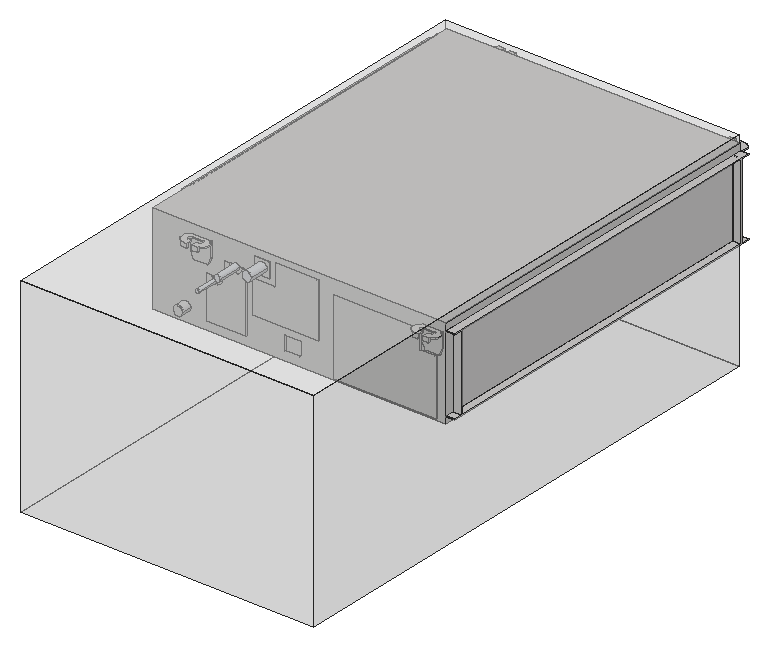
Revit family "outputfile", category 機械設備, Revit 2024
Family settings
  丸型コネクタ寸法 = 半径を使用
  パーツ タイプ = 標準
  OmniClass 番号 = 23.75.10.24.21.27.27
  OmniClass タイトル = Split System Air Conditioning Units
  作業面ベース = いいえ
  常に垂直 = はい
  ロード時にボイドで切り取り = いいえ
  注釈の向きを維持 = いいえ
  共有 = いいえ
  部屋計算ポイント = はい
Parameters (values of type "FXSQ80PAV4")
  Description = ""
  製造元 = "Daikin"
  書き出し IFC クラス(タイプ) = "IfcUnitaryEquipmentType"
  定義済み IFC タイプ(タイプ) = "AIRCONDITIONINGUNIT"
  Cost = 0
  モデル = "FXSQ80PAV4"
  Type Comments = ""
  Keynote = ""
  Type Image = (empty or 0)
  Assembly Code = ""
  r_Liquid Pipe Size = Liquid Pipe Size / 2  # 4.75 mm
  r_Gas Pipe Size = Gas Pipe Size / 2  # 7.95 mm
  r_Drain Pipe Size = Drain Pipe Size / 2  # 12.5 mm
  lw_power = 770.0 mm  # constant formula
  lh_SA = 138.0 mm  # constant formula
  lw_SA = if(Depth = 550.0 mm, 225.0 mm, if(Depth = 700.0 mm, 300.0 mm, if(Depth = 1000.0 mm, 450.0 mm, if(Depth = 1400.0 mm, 650.0 mm, 725.0 mm))))  # 450.0 mm
  lw_RA = if(Depth = 550.0 mm, 275.0 mm, if(Depth = 700.0 mm, 349.0 mm, if(Depth = 1000.0 mm, 499.0 mm, if(Depth = 1400.0 mm, 699.0 mm, 775.0 mm))))  # 499.0 mm
  lh_power = 60.0 mm + [h***]  # 60.0 mm
  lh_mountinghole1 = lh_mountinghole + [h***]  # 222.0 mm
  lh_RA = 123.0 mm  # constant formula
  ld_power = Depth / 2  # 500.0 mm
  Voltage_comment_60Hz = "220"
  Voltage_comment_50Hz = "220-240"
  Voltage_60Hz = 220 V
  Voltage_50Hz = 220 V
  URL = ""
  Supply Air Direction [instance] = yes
  Sound Power Level_H speed (dB) = 65.5
  Phase_60Hz = 1
  Phase_50Hz = 1
  Minimum External Static Pressure = 50.00 Pa
  Minimum Circuit Amps_60Hz = 1.8 A
  Minimum Circuit Amps_50Hz = 1.8 A
  Maximum Fuse Amps_60Hz = 16.0 A
  Maximum Fuse Amps_50Hz = 16.0 A
  Maximum External Static Pressure = 150.00 Pa
  Material_Casing = DAIKIN_GalvanizedSteel_Casing_indoorunit
  lw_mountinghole = 630.0 mm  # constant formula
  lh_gaspipe = 183.0 mm + [h***]  # 183.0 mm
  lh_mountinghole = 222.0 mm  # constant formula
  lh_liquidpipe = 136.0 mm + [h***]  # 136.0 mm
  lh_drainpipe = 207.0 mm + [h***]  # 207.0 mm
  lh_antena = Height - lh_mountinghole + 1.0 mm  # 24.0 mm
  ld_drainpipe = Depth / 2 + 53.0 mm  # 553.0 mm
  ld_liquidpipe = Depth / 2 + 69.0 mm  # 569.0 mm
  ld_gaspipe = Depth / 2 + 65.0 mm  # 565.0 mm
  ld_mountinghole = Depth + 38.0 mm  # 1038.0 mm
  h*** = 0.0 mm  # constant formula
  lw_liquidpipe = 179.0 mm  # constant formula
  lw_gaspipe = 229.0 mm  # constant formula
  lw_drainpipe = 300.0 mm  # constant formula
  Width = 800.0 mm
  Version = "ver.1.0"
  Unit Type = "Middle Static Pressure Duct Type"
  Unit Mass Weight = 37.00 kg
  Unit Designation [instance] = ""
  Uniclass2015Version = "Products v1.30"
  Uniclass2015Title = "Variable refrigerant flow units"
  Uniclass2015Code = "Pr_70_65_03_94"
  Total Heating Capacity [instance] = 0.000 kW
  Total Cooling Capacity [instance] = 0.000 kW
  Sound Pressure Level_M speed (dBA) = 0
  Sound Pressure Level_L speed (dBA) = 30
  Sound Pressure Level_H speed (dBA) = 37.5
  Series = "VRV Fan Coil Unit"
  Sensible Cooling Capacity [instance] = 0.000 kW
  SA Duct Size Width = if(Depth = 550.0 mm, 337.0 mm, if(Depth = 700.0 mm, 492.0 mm, if(Depth = 1000.0 mm, 792.0 mm, if(Depth = 1400.0 mm, 1192.0 mm, 1337.0 mm))))  # 792.0 mm
  SA Duct Size Height = 176.0 mm
  Refrigerant Type = "R410A"
  RA Duct Size Width = if(Depth = 550.0 mm, 502.0 mm, if(Depth = 700.0 mm, 654.0 mm, if(Depth = 1000.0 mm, 952.0 mm, if(Depth = 1400.0 mm, 1352.0 mm, 1502.0 mm))))  # 952.0 mm
  RA Duct Size Height = 208.0 mm
  Power Input (Heating) = 0.225 kW
  Power Input (Cooling) = 0.230 kW
  Option Accessory 3 [instance] = ""
  Option Accessory 2 [instance] = ""
  Option Accessory 1 [instance] = ""
  Nominal Heating Capacity = 10.000 kW
  Nominal Cooling Capacity = 9.000 kW
  Minimum Airflow = 960.00 m³/h
  Median Airflow = 1170.00 m³/h
  Maximum Airflow = 1380.00 m³/h
  Load Classification = HVAC
  Liquid Pipe Size = 9.5 mm
  Link_Nested Family [instance] = ""
  IfcVersion = "0"
  IfcExportType = "AIRCONDITIONINGUNIT"
  IfcExportAs = "IfcUnitaryEquipmentType"
  Height = 245.0 mm
  Heating Entering Wet Bulb Temperature [instance] = 0.00 °C
  Heating Entering Dry Bulb Temperature [instance] = 0.00 °C
  Heating Ambient Wet Bulb Temperature [instance] = 0.00 °C
  Heating Ambient Dry Bulb Temperature [instance] = 0.00 °C
  Heat Exchanger Type = "Cross Fin Coil"
  Gas Pipe Size = 15.9 mm
  Frequency_60Hz = 60 Hz
  Frequency_50Hz = 50 Hz
  Fan Type = "Sirocco Fan"
  Fan Drive = "Direct Drive"
  FCU Tag No. [instance] = ""
  Drain Pipe Size = 25.0 mm
  Design Supply Airflow [instance] = 0.00 m³/h
  Design Return Airflow [instance] = 0.00 m³/h
  Design External Static Pressure [instance] = 0.00 Pa
  Depth = 1000.0 mm
  既定の高さ = 0.0 mm
  Cooling Entering Wet Bulb Temperature [instance] = 0.00 °C
  Cooling Entering Dry Bulb Temperature [instance] = 0.00 °C
  Cooling Ambient Wet Bulb Temperature [instance] = 0.00 °C
  Cooling Ambient Dry Bulb Temperature [instance] = 0.00 °C
  Clearance visibility [instance] = yes
  Clearance Top = 20.0 mm
  Clearance Right = 0.0 mm
  Clearance Rear = 0.0 mm
  Clearance Left = 0.0 mm
  Clearance Front = 450.0 mm
  Clearance Bottom = 300.0 mm
Reference planes
  plane 1 "Center (Front/Back)": y = 0
  plane 2 "h": z = 0
  plane 3 "Center (Left/Right)": x = 0
  plane 4 "Back": y = 500
  plane 5 "Front": y = -500
  plane 6 "Left": x = -400
  plane 7 "Reight": x = 400
  plane 8 "Top": z = 0
  plane 9 "Bottom": z = -245
  plane 10: y = -215
  plane 11: y = 500
  plane 12: y = -950
  plane 13: x = -400
  plane 14: x = 400
  plane 15: z = 20
  plane 16: z = -545
  plane 17: x = -400
  plane 18: x = -399
  plane 19: x = 399
  plane 20: y = 50
  plane 21: y = -1
  plane 22: z = -122
  plane 23: y = -501
  plane 24: z = -109
  plane 25: x = -221
  plane 26: y = -565
  plane 27: z = -62
  plane 28: x = -171
  plane 29: y = -553
  plane 30: z = -38
  plane 31: x = -100
  plane 32: x = -100
  plane 33: x = -221
  plane 34: x = -171
  plane 35: x = 370
  plane 36: x = -266
  plane 37: x = 364
  plane 38: y = -519
  plane 39: y = 519
  plane 40: z = -23
  plane 41: z = -107
  plane 42: y = -570
  plane 43: z = -207
  plane 44: x = -309
  plane 45: y = -526
  plane 46: x = -251
  plane 47: x = -203
  plane 48: x = -144
  plane 49: z = -59
  plane 50: z = -106
  plane 51: z = -221
  plane 52: z = -109
  plane 53: x = -221
  plane 54: z = -62
  plane 55: x = -171
  plane 56: z = -17
  plane 57: z = -59
  plane 58: x = -121
  plane 59: x = -79
  plane 60: x = -125
  plane 61: x = -64
  plane 62: x = 53
  plane 63: z = -164
  plane 64: z = -73
  plane 65: z = -16
  plane 66: x = 93.5
  plane 67: x = 374.5
  plane 68: x = 330
  plane 69: z = -88.5
  plane 70: z = -38
  plane 71: z = -242.5
  plane 72: x = -38.5
  plane 73: x = 6.5
  plane 74: z = -181
  plane 75: z = -221
  plane 76: y = -499
  plane 77: x = -424
  plane 78: x = 424
Forms (mm)
  Extrusion 1, solid, material "DAIKIN_GalvanizedSteel_Casing_indoorunit" <- "Material_Casing"
    sketch origin (0, 0, 0) x (1, 0, 0) y (0, 1, 0)
      loop
        line (-399, 500) -> (-399, -500) -> (399, -500) -> (399, 500) -> (-399, 500)
    from -245 to 0
  Extrusion 2, solid, material "DAIKIN_GalvanizedSteel_Casing_indoorunit" <- "Material_Casing"
    sketch origin (0, 0, 0) x (1, 0, 0) y (0, 0, 1)
      loop
        line (-251, -221) -> (-144, -221) -> (-144, -59) -> (-154.47, -59)
        arc (-154.47, -59) -> (-171, -78.8) -> (-187.53, -59) r 16.8
        line (-187.53, -59) -> (-203, -59) -> (-203, -106) -> (-206.916, -106)
        arc (-206.916, -106) -> (-221, -123.4) -> (-235.084, -106) r 14.4
        line (-235.084, -106) -> (-251, -106) -> (-251, -221)
    from 500 to 501
  Extrusion 3, solid, material "DAIKIN_GalvanizedSteel_Casing_indoorunit" <- "Material_Casing"
    sketch origin (0, 0, 0) x (1, 0, 0) y (0, 0, 1)
      loop
        line (-121, -17) -> (-121, -59) -> (-79, -59) -> (-79, -17) -> (-121, -17)
      loop
        line (-125, -73) -> (-125, -164) -> (53, -164) -> (53, -16) -> (-64, -16) -> (-64, -73) -> (-125, -73)
    from 500 to 501
  Extrusion 4, solid, material "DAIKIN_GalvanizedSteel_Casing_indoorunit" <- "Material_Casing"
    sketch origin (0, 0, 0) x (1, 0, 0) y (0, 0, 1)
      loop
        line (93.5, -38) -> (93.5, -242.5) -> (374.5, -242.5) -> (374.5, -88.5) -> (330, -88.5) -> (330, -38) -> (93.5, -38)
    from 500 to 501
  Extrusion 5, solid
    sketch origin (0, 0, 0) x (1, 0, 0) y (0, 0, 1)
      loop
        circle (-221, -109) r 4.75
    from 500 to 570
  Extrusion 6, solid
    sketch origin (0, 0, 0) x (1, 0, 0) y (0, 0, 1)
      loop
        circle (-171, -62) r 7.95
    from 500 to 565
  Extrusion 7, solid
    sketch origin (0, 0, 0) x (1, 0, 0) y (0, 0, 1)
      loop
        circle (-100, -38) r 12.5
    from 501 to 553
  Extrusion 8, solid, material "DAIKIN_GalvanizedSteel_Casing_indoorunit" <- "Material_Casing"
    sketch origin (0, 0, 0) x (1, 0, 0) y (0, 0, 1)
      loop
        circle (-309, -207) r 13
    from 500 to 526
  Extrusion 9, void
    sketch origin (0, 0, 0) x (1, 0, 0) y (0, 0, 1)
      loop
        line (-38.5, -181) -> (-38.5, -221) -> (6.5, -221) -> (6.5, -181) -> (-38.5, -181)
    from 499 to 500
Cuts and joins
  Extrusion 9 cuts Extrusion 1
Dimensions and locks
  "Height": plane 8 "Top" to plane 9 "Bottom"
  equal spacing: plane 4 "Back", plane 1 "Center (Front/Back)", plane 5 "Front"
  "Depth": plane 4 "Back" to plane 5 "Front"
  equal spacing: plane 6 "Left", plane 3 "Center (Left/Right)", plane 7 "Reight"
  "Width": plane 6 "Left" to plane 7 "Reight"
  "Clearance Left": plane 13 to plane 6 "Left"
  "Clearance Right": plane 7 "Reight" to plane 14
  "Clearance Rear": plane 11 to plane 4 "Back"
  "Clearance Front": plane 5 "Front" to plane 12
  "Clearance Top": plane 15 to plane 8 "Top"
  "Clearance Bottom": plane 9 "Bottom" to plane 16
  locked: plane 17 to plane 18 at 1
  locked: plane 19 to plane 14 at 1
  "lw_SA": plane 11 to plane 20
  "lw_RA": plane 21 to plane 5 "Front"
  "lh_RA": plane 22 to plane 9 "Bottom"
  locked: plane 5 "Front" to plane 23 at 1
  "lw_liquidpipe": plane 25 to plane 6 "Left"
  "lh_liquidpipe": plane 24 to plane 9 "Bottom"
  "lh_gaspipe": plane 27 to plane 9 "Bottom"
  "lw_gaspipe": plane 28 to plane 6 "Left"
  "ld_gaspipe": plane 26 to plane 1 "Center (Front/Back)"
  "ld_drainpipe": plane 29 to plane 1 "Center (Front/Back)"
  "lh_drainpipe": plane 30 to plane 9 "Bottom"
  "lw_drainpipe": plane 31 to plane 6 "Left"
  "lw_drainpipe": plane 6 "Left" to plane 32
  "lw_liquidpipe": plane 6 "Left" to plane 33
  "lw_gaspipe": plane 6 "Left" to plane 34
  "lw_power": plane 6 "Left" to plane 35
  locked: plane 17 to plane 36 at 134
  "lw_mountinghole": plane 36 to plane 37
  equal spacing: plane 38, plane 1 "Center (Front/Back)", plane 39
  "ld_mountinghole": plane 39 to plane 38
  "lh_mountinghole": plane 40 to plane 9 "Bottom"
  "lh_SA": plane 41 to plane 9 "Bottom"
  "ld_liquidpipe": plane 21 to plane 42
  locked: plane 44 to plane 6 "Left" at 91
  locked: plane 43 to plane 9 "Bottom" at 38
  locked: plane 5 "Front" to plane 45 at 26
  plane 48 to plane 47 to plane 46 to plane 6 "Left" = 59.0 mm, 48.0 mm, 149.0 mm
  plane 8 "Top" to plane 49 to plane 50 to plane 51 = 59.0 mm locked, 47.0 mm locked, 115.0 mm locked
  plane 55 to plane 53 to plane 6 "Left" = 50.0 mm locked, 179.0 mm locked
  plane 54 to plane 52 to plane 9 "Bottom" = 47.0 mm locked, 136.0 mm locked
  plane 59 to plane 58 to plane 6 "Left" = 42.0 mm locked, 279.0 mm locked
  plane 8 "Top" to plane 56 to plane 57 = 17.0 mm locked, 42.0 mm locked
  plane 62 to plane 61 to plane 60 to plane 6 "Left" = 117.0 mm, 61.0 mm, 275.0 mm
  plane 8 "Top" to plane 65 to plane 64 = 16.0 mm locked, 57.0 mm locked
  locked: plane 65 to plane 63 at 148
  plane 8 "Top" to plane 70 to plane 69 to plane 71 = 38.0 mm locked, 50.5 mm locked, 154.0 mm locked
  plane 67 to plane 68 to plane 66 to plane 6 "Left" = 44.5 mm locked, 236.5 mm locked, 493.5 mm locked
  plane 8 "Top" to plane 74 to plane 75 = 181.0 mm locked, 40.0 mm locked
  plane 73 to plane 72 to plane 6 "Left" = 45.0 mm, 361.5 mm
  locked: plane 76 to plane 5 "Front" at 1
  locked: plane 77 to plane 17 at 24
  locked: plane 14 to plane 78 at 24
  locked: Extrusion 4 sketch curve to plane 9 "Bottom" at 2.5
  "r_Liquid Pipe Size": radius of Extrusion 5 sketch curve
  "r_Gas Pipe Size": radius of Extrusion 6 sketch curve
  "r_Drain Pipe Size": radius of Extrusion 7 sketch curve
  aligned and locked: level to plane 2 "h"
  aligned and locked: plane 8 "Top" to Extrusion 1
  aligned and locked: Extrusion 1 to plane 9 "Bottom"
  aligned and locked: nested 5 to plane 12
  aligned and locked: plane 13 to nested 5
  aligned and locked: plane 14 to nested 5
  aligned and locked: nested 5 to plane 13
  aligned and locked: plane 11 to nested 5
  aligned and locked: plane 15 to nested 5
  aligned and locked: plane 16 to nested 5
  aligned and locked: plane 5 "Front" to Extrusion 1 sketch curve
  aligned and locked: Extrusion 1 to plane 18
  aligned and locked: plane 19 to Extrusion 1
  aligned and locked: nested 7 to plane 18
  aligned and locked: nested 7 to plane 20
  aligned and locked: plane 19 to nested 8
  aligned and locked: plane 21 to nested 8
  aligned and locked: plane 22 to nested 8
  aligned and locked: Extrusion 2 to plane 23
  aligned and locked: plane 5 "Front" to Extrusion 2
  aligned and locked: Extrusion 3 to plane 23
  aligned and locked: plane 5 "Front" to Extrusion 3
  aligned and locked: plane 5 "Front" to Extrusion 4
  aligned and locked: Extrusion 5 sketch curve to plane 25
  aligned and locked: plane 24 to Extrusion 5 sketch curve
  aligned and locked: plane 5 "Front" to Extrusion 5
  aligned and locked: Extrusion 6 sketch curve to plane 28
  aligned and locked: plane 27 to Extrusion 6 sketch curve
  aligned and locked: plane 5 "Front" to Extrusion 6
  aligned and locked: Extrusion 7 sketch curve to plane 31
  aligned and locked: Extrusion 7 sketch curve to plane 30
  aligned and locked: Extrusion 7 to plane 29
  aligned and locked: plane 23 to Extrusion 7
  aligned and locked: nested 3 to plane 29
  aligned and locked: plane 32 to nested 3
  aligned and locked: nested 2 to plane 33
  aligned and locked: nested 1 to plane 34
  aligned and locked: Extrusion 6 to plane 26
  aligned and locked: nested 1 to plane 26
  aligned and locked: nested 6 to plane 5 "Front"
  aligned and locked: nested 6 to plane 35
  aligned and locked: plane 36 to nested 10
  aligned and locked: nested 10 to plane 5 "Front"
  aligned and locked: plane 37 to nested 9
  aligned and locked: nested 9 to plane 5 "Front"
  aligned and locked: nested 11 to plane 36
  aligned and locked: plane 4 "Back" to nested 11
  aligned and locked: nested 12 to plane 37
  aligned and locked: plane 4 "Back" to nested 12
  aligned and locked: plane 40 to nested 10
  aligned and locked: plane 40 to nested 11
  aligned and locked: plane 40 to nested 9
  aligned and locked: plane 40 to nested 12
  aligned and locked: plane 36 to nested 14
  aligned and locked: nested 14 to plane 39
  aligned and locked: plane 37 to nested 13
  aligned and locked: nested 13 to plane 39
  aligned and locked: plane 37 to nested 16
  aligned and locked: plane 38 to nested 16
  aligned and locked: plane 38 to nested 15
  aligned and locked: plane 36 to nested 15
  aligned and locked: plane 17 to plane 6 "Left"
  aligned and locked: plane 41 to nested 7
  aligned and locked: Extrusion 5 to plane 42
  aligned and locked: nested 2 to plane 42
  aligned and locked: Extrusion 8 sketch curve to plane 44
  aligned and locked: plane 43 to Extrusion 8 sketch curve
  aligned and locked: plane 5 "Front" to Extrusion 8
  aligned and locked: plane 45 to Extrusion 8
  aligned and locked: Extrusion 3 sketch curve to plane 56
  aligned and locked: Extrusion 3 sketch curve to plane 58
  aligned and locked: plane 57 to Extrusion 3 sketch curve
  aligned and locked: plane 59 to Extrusion 3 sketch curve
  aligned and locked: Extrusion 4 to plane 23
  aligned and locked: Extrusion 9 sketch curve to plane 74
  aligned and locked: plane 75 to Extrusion 9 sketch curve
  aligned and locked: plane 73 to Extrusion 9 sketch curve
  aligned and locked: plane 5 "Front" to Extrusion 9
  aligned and locked: plane 76 to Extrusion 9
  aligned and locked: nested 17 to plane 20
  aligned and locked: nested 17 to plane 77
  aligned and locked: plane 21 to nested 18
  aligned and locked: plane 78 to nested 18
  aligned and locked: plane 41 to nested 17
  aligned and locked: nested 18 to plane 22
  aligned and locked: nested 4 to plane 3 "Center (Left/Right)"
  aligned and locked: plane 1 "Center (Front/Back)" to nested 4
  aligned and locked: level to plane 8 "Top"
Automatic sketch dimensions
  plane 6 "Left" to Extrusion 1 sketch curve = 1.0 mm
  Extrusion 1 sketch curve to plane 7 "Reight" = 1.0 mm
  Extrusion 1 sketch curve to plane 4 "Back" = 0.0 mm
  Extrusion 2 sketch curve to plane 46 = 0.0 mm
  Extrusion 2 sketch curve to plane 33 = 0.0 mm
  Extrusion 2 sketch curve to plane 47 = 0.0 mm
  Extrusion 2 sketch curve to plane 34 = 0.0 mm
  Extrusion 2 sketch curve to plane 48 = 0.0 mm
  Extrusion 2 sketch curve to plane 52 = 0.0 mm
  Extrusion 2 sketch curve to plane 50 = 0.0 mm  (x3)
  Extrusion 2 sketch curve to plane 54 = 0.0 mm
  Extrusion 2 sketch curve to plane 49 = 0.0 mm  (x3)
  plane 33 to Extrusion 2 sketch curve = 14.084 mm
  plane 34 to Extrusion 2 sketch curve = 16.53 mm
  Extrusion 3 sketch curve to plane 60 = 0.0 mm
  Extrusion 3 sketch curve to plane 61 = 0.0 mm
  Extrusion 3 sketch curve to plane 62 = 0.0 mm
  Extrusion 3 sketch curve to plane 64 = 0.0 mm
  Extrusion 3 sketch curve to plane 65 = 0.0 mm
  Extrusion 4 sketch curve to plane 66 = 0.0 mm
  Extrusion 4 sketch curve to plane 68 = 0.0 mm
  Extrusion 4 sketch curve to plane 67 = 0.0 mm
  Extrusion 4 sketch curve to plane 69 = 0.0 mm
  Extrusion 4 sketch curve to plane 70 = 0.0 mm
  Extrusion 9 sketch curve to plane 72 = 0.0 mm
  Extrusion 2 sketch curve to plane 51 = 0.0 mm
  Extrusion 3 sketch curve to plane 63 = 0.0 mm
  radius of Extrusion 8 sketch curve = 13.0 mm
Nested families
  nested 1: "daikin_connector_rotate2" at (-171, 0, -62), length <- "ld_gaspipe", built-in parameter 1001364 <- "lh_gaspipe", radius <- "r_Gas Pipe Size", type "daikin_connector_rotate2"
    with radius 7.95 mm, length 565.0 mm, angle_vertical 90.00°
  nested 2: "daikin_connector_rotate2" at (-221, -1, -109), length <- "ld_liquidpipe", built-in parameter 1001364 <- "lh_liquidpipe", radius <- "r_Liquid Pipe Size", type "daikin_connector_rotate2"
    with radius 4.75 mm, length 569.0 mm, angle_vertical 90.00°
  nested 3: "daikin_connector_rotate2" at (-100, 0, -38), length <- "ld_drainpipe", built-in parameter 1001364 <- "lh_drainpipe", radius <- "r_Drain Pipe Size", type "daikin_connector_rotate2"
    with radius 12.5 mm, length 553.0 mm, angle_vertical 90.00°
  nested 4: "daikin_△_symbolicline" at (0, 0, 245) x (0, -1, 0) z (0, 0, 1), built-in parameter 1001364 <- "Height", visible <- "Supply Air Direction", type "daikin_△_symbolicline"
    with length 200.0 mm
  nested 5: "daikin_clearancespace" at (0, -225, -262.381), visible <- "Clearance visibility", show <- "Clearance visibility", Link_Nested Family <- "Link_Nested Family", type "daikin_clearancespace"
    with width 800.0 mm, show yes, height 565.0 mm, depth 1450.0 mm, Link_Nested Family ""
  nested 6: "daikin_connector_rotate2" at (370, 0, -185), built-in parameter 1001364 <- "lh_power", length <- "ld_power", type "daikin_connector_rotate2"
    with radius 10.0 mm, length 500.0 mm, angle_vertical 90.00°
  nested 7: "daikin_ductflange_FXSQ-PAV4_2" at (-399, 50, -107) x (0, -1, 0) z (0, 0, 1), type "daikin_ductflange_FXSQ-PAV4_2"
    with width 792.0 mm, w 1000.0 mm
  nested 8: "daikin_ductflange_FXSQ-PAV4_1" at (399, -1, -122) x (0, 1, 0) z (0, 0, 1), type "daikin_ductflange_FXSQ-PAV4_1"
    with width 952.0 mm, w 1000.0 mm
  nested 9: "daikin_hangerfixture_FXSQ-PAV4" at (364, -500, -23), type "daikin_hangerfixture_FXSQ-PAV4"
  nested 10: "daikin_hangerfixture_FXSQ-PAV4" at (-266, -500, -23), type "daikin_hangerfixture_FXSQ-PAV4"
  nested 11: "daikin_hangerfixture_FXSQ-PAV4" at (-266, 500, -23) x (-1, 0, 0) z (0, 0, 1), type "daikin_hangerfixture_FXSQ-PAV4"
  nested 12: "daikin_hangerfixture_FXSQ-PAV4" at (364, 500, -23) x (-1, 0, 0) z (0, 0, 1), type "daikin_hangerfixture_FXSQ-PAV4"
  nested 13: "daikin_mountinghole" at (364, 519, -245), h_mountinghole <- "lh_mountinghole1", l_antenna <- "lh_antena", Link_Nested Family <- "Link_Nested Family", type "daikin_mountinghole"
    with show yes, l_antenna 24.0 mm, h_mountinghole 222.0 mm, Link_Nested Family ""
  nested 14: "daikin_mountinghole" at (-266, 519, -245), h_mountinghole <- "lh_mountinghole1", l_antenna <- "lh_antena", Link_Nested Family <- "Link_Nested Family", type "daikin_mountinghole"
    with show yes, l_antenna 24.0 mm, h_mountinghole 222.0 mm, Link_Nested Family ""
  nested 15: "daikin_mountinghole" at (-266, -519, -245), h_mountinghole <- "lh_mountinghole1", l_antenna <- "lh_antena", Link_Nested Family <- "Link_Nested Family", type "daikin_mountinghole"
    with show yes, l_antenna 24.0 mm, h_mountinghole 222.0 mm, Link_Nested Family ""
  nested 16: "daikin_mountinghole" at (364, -519, -245), h_mountinghole <- "lh_mountinghole1", l_antenna <- "lh_antena", Link_Nested Family <- "Link_Nested Family", type "daikin_mountinghole"
    with show yes, l_antenna 24.0 mm, h_mountinghole 222.0 mm, Link_Nested Family ""
  nested 17: "daikin_connector_rotate2" at (-400, 50, -107) x (0, -1, 0) z (0, 0, 1), type "daikin_connector_rotate2"
    with radius 10.0 mm, length 24.0 mm, angle_vertical 90.00°
  nested 18: "daikin_connector_rotate2" at (400, -1, -122) x (0, 1, 0) z (0, 0, 1), type "daikin_connector_rotate2"
    with radius 10.0 mm, length 24.0 mm, angle_vertical 90.00°
Connectors
  piping at (-100, -553, -38), diameter 25, driven by "r_Drain Pipe Size"
    settings: on nested 3, index 3, connector inside diameter 609.6 mm, connector length 0.0 mm, flow factor 0, pipe flow 0.00 m³/h, pressure drop 0.0 Pa, fitting loss kfactor 0, connector angle 0.00°, fixture units 0, engagement length 0.0 mm, angle of deflection 0.00°, flow configuration 1, flow direction 2, fitting loss method 4, system type 16, joint type 0, gender type 0, connector reference index -1, connector utility 0, adjustable connector no, is connector primary yes, connector description "Condensate Drain Piping"
  piping at (-171, -565, -62), diameter 15.9, driven by "r_Gas Pipe Size"
    settings: on nested 1, index 4, connector inside diameter 609.6 mm, connector length 0.0 mm, flow factor 0, pipe flow 0.00 m³/h, pressure drop 0.0 Pa, fitting loss kfactor 0, connector angle 0.00°, fixture units 0, engagement length 0.0 mm, angle of deflection 0.00°, flow configuration 1, flow direction 2, fitting loss method 0, system type 29, joint type 0, gender type 0, connector reference index -1, connector utility 0, adjustable connector no, is connector primary no, connector description "Refrigerant Gas Piping"
  piping at (-221, -570, -109), diameter 9.5, driven by "r_Liquid Pipe Size"
    settings: on nested 2, index 5, connector inside diameter 609.6 mm, connector length 0.0 mm, flow factor 0, pipe flow 0.00 m³/h, pressure drop 0.0 Pa, fitting loss kfactor 0, connector angle 0.00°, fixture units 0, engagement length 0.0 mm, angle of deflection 0.00°, flow configuration 1, flow direction 1, fitting loss method 0, system type 29, joint type 0, gender type 0, connector reference index -1, connector utility 0, adjustable connector no, is connector primary no, connector description "Refrigerant Liquid Piping"
  electrical at (370, -500, -185), driven by "Load Classification"
    settings: on nested 6, index 6, voltage 0 V, apparent load 0 VA, apparent load phase1 0 VA, apparent load phase2 0 VA, apparent load phase3 0 VA, power factor 1, load classification "HVAC", number of poles 1, system type 30, power factor state 1, is connector primary yes, connector utility no, sub classification motor no, connector description "Power Supply"
  hvac at (-424, 50, -107), driven by "SA Duct Size Height", driven by "SA Duct Size Width"
    settings: on nested 17, index 7, duct flow 0.00 m³/h, flow factor 0, pres drop 0.00 Pa, loss coef 0, conn angle 0.00°, conn width 792.0 mm, conn height 176.0 mm, conn diameter 609.6 mm, duct sys type 1, conn prof type 1, flow config 0, flow direction 2, loss method 4, conn ref index -1, conn util no, is conn primary yes, conn desc "SA Duct"
  hvac at (424, -1, -122), driven by "RA Duct Size Height", driven by "RA Duct Size Width"
    settings: on nested 18, index 8, duct flow 0.00 m³/h, flow factor 0, pres drop 0.00 Pa, loss coef 0, conn angle 0.00°, conn width 952.0 mm, conn height 208.0 mm, conn diameter 609.6 mm, duct sys type 2, conn prof type 1, flow config 0, flow direction 1, loss method 4, conn ref index -1, conn util no, is conn primary no, conn desc "RA Duct"
Definition of nested family "daikin_clearancespace"
  Parameters (values of type "daikin_clearancespace")
    width [instance] = 1823.963 mm
    show [instance] = yes
    material = none
    height [instance] = 1359.762 mm
    depth [instance] = 880.0 mm
    Default Elevation = 0.0 mm
    Link_Nested Family [instance] = ""
  Reference planes
    plane 1 "Center (Front/Back)": y = 0
    plane 2 "Center (Elevation)": z = -0.119
    plane 3 "Center (Left/Right)": x = 0
    plane 4: y = 440
    plane 5: y = -440
    plane 6 "Right": x = 911.982
    plane 7 "Left": x = -911.982
    plane 8 "Top": z = 679.762
    plane 9 "Bottom": z = -680
  Forms (mm)
    Extrusion 1, solid, material <- "material", visible <- "show"
      sketch origin (0, 0, 0) x (1, 0, 0) y (0, 1, 0)
        loop
          line (-911.982, 440) -> (-911.982, -440) -> (911.982, -440) -> (911.982, 440) -> (-911.982, 440)
      from -680 to 679.762
  Lines and regions (mm)
    symbolic lines, visible <- "show"
      curve 1: line (911.982, 440, 0) -> (-911.982, 440, 0)
      curve 2: line (-911.982, 440, 0) -> (-911.982, -440, 0)
      curve 3: line (-911.982, -440, 0) -> (911.982, -440, 0)
      curve 4: line (911.982, -440, 0) -> (911.982, 440, 0)
      curve 5: line (911.982, 0, 679.762) -> (-911.982, 0, 679.762)
      curve 6: line (911.982, 0, -680) -> (911.982, 0, 679.762)
      curve 7: line (-911.982, 0, -680) -> (911.982, 0, -680)
      curve 8: line (-911.982, 0, 679.762) -> (-911.982, 0, -680)
      curve 9: line (0, 440, 679.762) -> (0, -440, 679.762)
      curve 10: line (0, -440, 679.762) -> (0, -440, -680)
      curve 11: line (0, 440, -680) -> (0, 440, 679.762)
      curve 12: line (0, -440, -680) -> (0, 440, -680)
  Dimensions and locks
    "width": plane 7 "Left" to plane 6 "Right"
    "depth": plane 4 to plane 5
    "height": plane 8 "Top" to plane 9 "Bottom"
    equal spacing: plane 7 "Left", plane 3 "Center (Left/Right)", plane 6 "Right"
    equal spacing: plane 4, plane 1 "Center (Front/Back)", plane 5
    equal spacing: plane 8 "Top", plane 2 "Center (Elevation)", plane 9 "Bottom"
    aligned and locked: level to plane 2 "Center (Elevation)"
    aligned and locked: Extrusion 1 sketch curve to plane 4
    aligned and locked: plane 7 "Left" to Extrusion 1 sketch curve
    aligned and locked: Extrusion 1 sketch curve to plane 5
    aligned and locked: Extrusion 1 sketch curve to plane 6 "Right"
    aligned and locked: plane 8 "Top" to Extrusion 1
    aligned and locked: curve 1 to Extrusion 1
    aligned and locked: curve 2 to Extrusion 1
    aligned and locked: curve 3 to Extrusion 1
    aligned and locked: curve 4 to Extrusion 1
    aligned and locked: curve 5 to Extrusion 1
    aligned and locked: curve 6 to Extrusion 1
    aligned and locked: curve 7 to Extrusion 1
    aligned and locked: curve 8 to Extrusion 1
    aligned and locked: curve 9 to Extrusion 1
    aligned and locked: curve 10 to Extrusion 1
    aligned and locked: curve 11 to Extrusion 1
    aligned and locked: curve 12 to Extrusion 1
    aligned and locked: Extrusion 1 to plane 9 "Bottom"
Definition of nested family "daikin_ductflange_FXSQ-PAV4_2"
  Parameters (values of type "daikin_ductflange_FXMQ-PAVE2")
    width = if(w = 550.0 mm, 337.0 mm, if(w = 700.0 mm, 492.0 mm, if(w = 1000.0 mm, 792.0 mm, if(w = 1400.0 mm, 1192.0 mm, 1337.0 mm))))  # 337.0 mm
    material = none
    height = 215.0 mm
    depth = 1.0 mm
    w = 550.0 mm
    Default Elevation = 0.0 mm
  Reference planes
    plane 1 "Center (Front/Back)": y = 0
    plane 2: z = 0
    plane 3 "Center (Left/Right)": x = 0
    plane 4: z = 88
    plane 5: z = -88
    plane 6: y = -25
    plane 7: z = 106
    plane 8: z = 89
    plane 9: y = -1
    plane 10: x = -192.5
    plane 11: x = 192.5
    plane 12: z = -106
    plane 13: z = -89
    plane 14: y = -1
    plane 15: x = 168.5
    plane 16: x = -168.5
    plane 17: x = 169.5
    plane 18: z = 87
    plane 19: z = -87
    plane 20: x = -169.5
    plane 21: z = 87
    plane 22: z = -87
    plane 23: y = -1
  Forms (mm)
    Extrusion 1, solid, material <- "material"
      sketch origin (0, 0, 0) x (0, 1, 0) y (0, 0, 1)
        loop
          line (-25, 88) -> (0, 88) -> (0, 106) -> (-1, 106) -> (-1, 89) -> (-25, 89) -> (-25, 88)
      from -192.5 to 192.5
    Extrusion 2, solid, material <- "material"
      sketch origin (0, 0, 0) x (0, 1, 0) y (0, 0, 1)
        loop
          line (-25, -88) -> (-25, -89) -> (-1, -89) -> (-1, -106) -> (0, -106) -> (0, -88) -> (-25, -88)
      from -192.5 to 192.5
    Extrusion 3, solid, material <- "material"
      sketch origin (0, 0, 0) x (1, 0, 0) y (0, 0, 1)
        loop
          line (168.5, 88) -> (168.5, -88) -> (192.5, -88) -> (192.5, -87) -> (169.5, -87) -> (169.5, 87) -> (192.5, 87) -> (192.5, 88) -> (168.5, 88)
      from 0 to 25
    Extrusion 4, solid, material <- "material"
      sketch origin (0, 0, 0) x (1, 0, 0) y (0, 0, 1)
        loop
          line (-192.5, 88) -> (-192.5, 87) -> (-169.5, 87) -> (-169.5, -87) -> (-192.5, -87) -> (-192.5, -88) -> (-168.5, -88) -> (-168.5, 88) -> (-192.5, 88)
      from 0 to 25
    Extrusion 5, solid, material <- "material"
      sketch origin (0, 0, 0) x (1, 0, 0) y (0, 0, 1)
        loop
          line (-192.5, 88) -> (-192.5, -88) -> (-168.5, -88) -> (-168.5, 88) -> (-192.5, 88)
        loop
          line (192.5, 88) -> (168.5, 88) -> (168.5, -88) -> (192.5, -88) -> (192.5, 88)
      from 0 to 1
  Cuts and joins
    joined: Extrusion 1, Extrusion 2, Extrusion 3, Extrusion 4, Extrusion 5
  Dimensions and locks
    plane 4 to level to plane 5 = 88.0 mm, 88.0 mm
    locked: plane 6 to plane 1 "Center (Front/Back)" at 25
    locked: plane 9 to plane 1 "Center (Front/Back)" at 1
    locked: plane 8 to plane 4 at 1
    locked: plane 16 to plane 10 at 24
    locked: plane 17 to plane 15 at 1
    locked: plane 4 to plane 18 at 1
    locked: plane 19 to plane 5 at 1
    "width": plane 15 to plane 16
    plane 4 to plane 5 = 176.0 mm
    locked: plane 16 to plane 20 at 1
    locked: plane 4 to plane 21 at 1
    locked: plane 22 to plane 5 at 1
    locked: plane 23 to plane 1 "Center (Front/Back)" at 1
    plane 4 to level to plane 5 = 88.0 mm locked, 88.0 mm locked
    locked: plane 5 to plane 13 at 1
    locked: plane 5 to plane 12 at 18
    locked: plane 7 to plane 4 at 18
    equal spacing: plane 15, plane 3 "Center (Left/Right)", plane 16
    locked: plane 11 to plane 15 at 24
    plane 11 to plane 10 = 385.0 mm
    aligned and locked: level to plane 2
    aligned and locked: Extrusion 1 to plane 10
    aligned and locked: plane 11 to Extrusion 1
    aligned and locked: plane 5 to Extrusion 2
    aligned and locked: Extrusion 2 to plane 1 "Center (Front/Back)"
    aligned and locked: plane 15 to Extrusion 3 sketch curve
    aligned and locked: Extrusion 3 sketch curve to Extrusion 2  (x2)
    aligned and locked: Extrusion 3 sketch curve to plane 11
    aligned and locked: plane 6 to Extrusion 3
    aligned and locked: Extrusion 2 to plane 10
    aligned and locked: plane 11 to Extrusion 2
    aligned and locked: Extrusion 4 sketch curve to Extrusion 1  (x2)
    aligned and locked: plane 5 to Extrusion 4 sketch curve
    aligned and locked: Extrusion 4 sketch curve to plane 16
    aligned and locked: Extrusion 4 sketch curve to plane 22
    aligned and locked: plane 20 to Extrusion 4 sketch curve
    aligned and locked: plane 21 to Extrusion 4 sketch curve
    aligned and locked: Extrusion 4 to plane 1 "Center (Front/Back)"
    aligned and locked: plane 6 to Extrusion 4
    aligned and locked: Extrusion 5 sketch curve to Extrusion 1  (x4)
    aligned and locked: Extrusion 5 sketch curve to Extrusion 4  (x2)
    aligned and locked: Extrusion 5 sketch curve to Extrusion 3  (x2)
    aligned and locked: Extrusion 5 to plane 1 "Center (Front/Back)"
    aligned and locked: plane 23 to Extrusion 5
  Automatic sketch dimensions
    Extrusion 1 sketch curve to plane 6 = 0.0 mm
    Extrusion 1 sketch curve to plane 7 = 0.0 mm
    Extrusion 1 sketch curve to plane 9 = 0.0 mm
    Extrusion 1 sketch curve to plane 1 "Center (Front/Back)" = 0.0 mm
    Extrusion 1 sketch curve to plane 4 = 0.0 mm
    Extrusion 1 sketch curve to plane 8 = 0.0 mm
    Extrusion 2 sketch curve to plane 6 = 0.0 mm
    plane 12 to Extrusion 2 sketch curve = 0.0 mm
    Extrusion 2 sketch curve to plane 14 = 0.0 mm
    Extrusion 2 sketch curve to plane 1 "Center (Front/Back)" = 0.0 mm
    plane 13 to Extrusion 2 sketch curve = 0.0 mm
    Extrusion 2 sketch curve to plane 5 = 0.0 mm
    Extrusion 3 sketch curve to plane 17 = 0.0 mm
    Extrusion 3 sketch curve to plane 19 = 0.0 mm
    Extrusion 3 sketch curve to plane 18 = 0.0 mm
    Extrusion 3 sketch curve to plane 4 = 0.0 mm
    Extrusion 4 sketch curve to plane 10 = 0.0 mm
Definition of nested family "daikin_ductflange_FXSQ-PAV4_1"
  Parameters (values of type "daikin_ductflange_FXMQ-PAVE")
    width = if(w = 550.0 mm, 502.0 mm, if(w = 700.0 mm, 654.0 mm, if(w = 1000.0 mm, 952.0 mm, if(w = 1400.0 mm, 1352.0 mm, 1502.0 mm))))  # 502.0 mm
    material = none
    height = 208.0 mm
    depth = 1.0 mm
    w = 550.0 mm
    Default Elevation = 0.0 mm
  Reference planes
    plane 1 "Center (Front/Back)": y = 0
    plane 2: z = 0
    plane 3 "Center (Left/Right)": x = 0
    plane 4: z = 104
    plane 5: z = -104
    plane 6: y = -25
    plane 7: z = 121
    plane 8: z = 105
    plane 9: y = -1
    plane 10: x = -275
    plane 11: x = 275
    plane 12: z = -122
    plane 13: z = -105
    plane 14: y = -1
    plane 15: x = 251
    plane 16: x = -251
    plane 17: x = 252
    plane 18: z = 103
    plane 19: z = -103
    plane 20: x = -252
    plane 21: z = 103
    plane 22: z = -103
    plane 23: y = -1
  Forms (mm)
    Extrusion 1, solid, material <- "material"
      sketch origin (0, 0, 0) x (0, 1, 0) y (0, 0, 1)
        loop
          line (-25, 104) -> (0, 104) -> (0, 121) -> (-1, 121) -> (-1, 105) -> (-25, 105) -> (-25, 104)
      from -275 to 275
    Extrusion 2, solid, material <- "material"
      sketch origin (0, 0, 0) x (0, 1, 0) y (0, 0, 1)
        loop
          line (-25, -104) -> (-25, -105) -> (-1, -105) -> (-1, -122) -> (0, -122) -> (0, -104) -> (-25, -104)
      from -275 to 275
    Extrusion 3, solid, material <- "material"
      sketch origin (0, 0, 0) x (1, 0, 0) y (0, 0, 1)
        loop
          line (251, 104) -> (251, -104) -> (275, -104) -> (275, -103) -> (252, -103) -> (252, 103) -> (275, 103) -> (275, 104) -> (251, 104)
      from 0 to 25
    Extrusion 4, solid, material <- "material"
      sketch origin (0, 0, 0) x (1, 0, 0) y (0, 0, 1)
        loop
          line (-275, 104) -> (-275, 103) -> (-252, 103) -> (-252, -103) -> (-275, -103) -> (-275, -104) -> (-251, -104) -> (-251, 104) -> (-275, 104)
      from 0 to 25
    Extrusion 5, solid, material <- "material"
      sketch origin (0, 0, 0) x (1, 0, 0) y (0, 0, 1)
        loop
          line (-275, 104) -> (-275, -104) -> (-251, -104) -> (-251, 104) -> (-275, 104)
        loop
          line (275, 104) -> (251, 104) -> (251, -104) -> (275, -104) -> (275, 104)
      from 0 to 1
  Cuts and joins
    joined: Extrusion 1, Extrusion 2, Extrusion 3, Extrusion 4, Extrusion 5
  Dimensions and locks
    plane 4 to level to plane 5 = 104.0 mm, 104.0 mm
    locked: plane 6 to plane 1 "Center (Front/Back)" at 25
    locked: plane 9 to plane 1 "Center (Front/Back)" at 1
    locked: plane 8 to plane 4 at 1
    locked: plane 11 to plane 15 at 24
    locked: plane 16 to plane 10 at 24
    locked: plane 17 to plane 15 at 1
    locked: plane 4 to plane 18 at 1
    locked: plane 19 to plane 5 at 1
    "width": plane 15 to plane 16
    equal spacing: plane 15, plane 3 "Center (Left/Right)", plane 16
    locked: plane 16 to plane 20 at 1
    locked: plane 4 to plane 21 at 1
    locked: plane 22 to plane 5 at 1
    locked: plane 23 to plane 1 "Center (Front/Back)" at 1
    locked: plane 7 to plane 4 at 17
    locked: plane 1 "Center (Front/Back)" to plane 14 at 1
    locked: plane 5 to plane 13 at 1
    "height": plane 4 to plane 5
    plane 11 to plane 10 = 550.0 mm
    locked: plane 12 to plane 13 at 17
    equal spacing: plane 4, level, plane 5
    aligned and locked: level to plane 2
    aligned and locked: Extrusion 1 to plane 10
    aligned and locked: plane 11 to Extrusion 1
    aligned and locked: plane 5 to Extrusion 2
    aligned and locked: Extrusion 2 to plane 1 "Center (Front/Back)"
    aligned and locked: plane 15 to Extrusion 3 sketch curve
    aligned and locked: Extrusion 3 sketch curve to Extrusion 2  (x2)
    aligned and locked: Extrusion 3 sketch curve to plane 11
    aligned and locked: plane 6 to Extrusion 3
    aligned and locked: Extrusion 2 to plane 10
    aligned and locked: plane 11 to Extrusion 2
    aligned and locked: Extrusion 4 sketch curve to Extrusion 1  (x2)
    aligned and locked: plane 5 to Extrusion 4 sketch curve
    aligned and locked: Extrusion 4 sketch curve to plane 16
    aligned and locked: Extrusion 4 sketch curve to plane 22
    aligned and locked: plane 20 to Extrusion 4 sketch curve
    aligned and locked: plane 21 to Extrusion 4 sketch curve
    aligned and locked: Extrusion 4 to plane 1 "Center (Front/Back)"
    aligned and locked: plane 6 to Extrusion 4
    aligned and locked: Extrusion 5 sketch curve to Extrusion 1  (x4)
    aligned and locked: Extrusion 5 sketch curve to Extrusion 4  (x2)
    aligned and locked: Extrusion 5 sketch curve to Extrusion 3  (x2)
    aligned and locked: Extrusion 5 to plane 1 "Center (Front/Back)"
    aligned and locked: plane 23 to Extrusion 5
  Automatic sketch dimensions
    Extrusion 1 sketch curve to plane 6 = 0.0 mm
    Extrusion 1 sketch curve to plane 7 = 0.0 mm
    Extrusion 1 sketch curve to plane 9 = 0.0 mm
    Extrusion 1 sketch curve to plane 1 "Center (Front/Back)" = 0.0 mm
    Extrusion 1 sketch curve to plane 4 = 0.0 mm
    Extrusion 1 sketch curve to plane 8 = 0.0 mm
    Extrusion 2 sketch curve to plane 6 = 0.0 mm
    plane 12 to Extrusion 2 sketch curve = 0.0 mm
    Extrusion 2 sketch curve to plane 14 = 0.0 mm
    Extrusion 2 sketch curve to plane 1 "Center (Front/Back)" = 0.0 mm
    plane 13 to Extrusion 2 sketch curve = 0.0 mm
    Extrusion 2 sketch curve to plane 5 = 0.0 mm
    Extrusion 3 sketch curve to plane 17 = 0.0 mm
    Extrusion 3 sketch curve to plane 19 = 0.0 mm
    Extrusion 3 sketch curve to plane 18 = 0.0 mm
    Extrusion 3 sketch curve to plane 4 = 0.0 mm
    Extrusion 4 sketch curve to plane 10 = 0.0 mm
Definition of nested family "daikin_hangerfixture_FXSQ-PAV4"
  Parameters (values of type "daikin_hangerfixture_FXMQ-PAVE")
    width = 72.0 mm
    material = none
    height = 60.0 mm
    depth = 41.0 mm
    Default Elevation = 0.0 mm
  Reference planes
    plane 1 "Center (Front/Back)": y = 0
    plane 2: z = 0
    plane 3 "Center (Left/Right)": x = 0
    plane 4: y = 417.146
    plane 5: y = -41
    plane 6: x = -36
    plane 7: x = 36
    plane 8: z = -2.3
    plane 9: z = -60
    plane 10: y = -2.3
    plane 11: z = -12
    plane 12: y = -38.7
  Forms (mm)
    Extrusion 1, solid, material <- "material"
      sketch origin (0, 0, 0) x (1, 0, 0) y (0, 1, 0)
        loop
          line (-28, 0) -> (-28, -5)
          arc (-28, -5) -> (-29.127, -8.162) -> (-32, -9.899) r 5
          arc (-32, -9.899) -> (-34.873, -11.636) -> (-36, -14.798) r 5
          line (-36, -14.798) -> (-36, -27.178)
          arc (-36, -27.178) -> (-35.429, -29.499) -> (-33.846, -31.289) r 5
          line (-33.846, -31.289) -> (-23, -38.798) -> (-23, -41.098) -> (-6.5, -41.098) -> (-6.5, -28.498)
          arc (-6.5, -28.498) -> (-7.379, -26.377) -> (-9.5, -25.498) r 3
          line (-9.5, -25.498) -> (-13.5, -25.498)
          arc (-13.5, -25.498) -> (-20, -18.998) -> (-13.5, -12.498) r 6.5
          line (-13.5, -12.498) -> (13.5, -12.498)
          arc (13.5, -12.498) -> (20, -18.998) -> (13.5, -25.498) r 6.5
          line (13.5, -25.498) -> (9.5, -25.498)
          arc (9.5, -25.498) -> (7.379, -26.377) -> (6.5, -28.498) r 3
          line (6.5, -28.498) -> (6.5, -41.098) -> (23, -41.098) -> (23, -38.798) -> (33.846, -31.289)
          arc (33.846, -31.289) -> (35.429, -29.499) -> (36, -27.178) r 5
          line (36, -27.178) -> (36, -14.596)
          arc (36, -14.596) -> (34.873, -11.434) -> (32, -9.697) r 5
          arc (32, -9.697) -> (29.127, -7.96) -> (28, -4.798) r 5
          line (28, -4.798) -> (28, 0) -> (-28, 0)
      from 0 to -2.3
    Extrusion 2, solid, material <- "material"
      sketch origin (0, 0, 0) x (1, 0, 0) y (0, 0, 1)
        loop
          line (28, -39.037) -> (28, 0) -> (-28, 0) -> (-28, -39.037)
          arc (-28, -39.037) -> (-27.91, -39.983) -> (-27.642, -40.894) r 5
          line (-27.642, -40.894) -> (-21.257, -56.857)
          arc (-21.257, -56.857) -> (-19.418, -59.14) -> (-16.615, -60) r 5
          line (-16.615, -60) -> (16.615, -60)
          arc (16.615, -60) -> (19.418, -59.14) -> (21.257, -56.857) r 5
          line (21.257, -56.857) -> (27.642, -40.894)
          arc (27.642, -40.894) -> (27.91, -39.983) -> (28, -39.037) r 5
      from 0 to 2.3
    Extrusion 3, solid, material <- "material"
      sketch origin (0, 0, 0) x (1, 0, 0) y (0, 0, 1)
        loop
          line (-23, 0) -> (-23, -9)
          arc (-23, -9) -> (-22.121, -11.121) -> (-20, -12) r 3
          line (-20, -12) -> (-9.5, -12)
          arc (-9.5, -12) -> (-7.379, -11.121) -> (-6.5, -9) r 3
          line (-6.5, -9) -> (-6.5, 0) -> (-23, 0)
        loop
          line (23, 0) -> (6.5, 0) -> (6.5, -9)
          arc (6.5, -9) -> (7.379, -11.121) -> (9.5, -12) r 3
          line (9.5, -12) -> (20, -12)
          arc (20, -12) -> (22.121, -11.121) -> (23, -9) r 3
          line (23, -9) -> (23, 0)
      from 38.8 to 41.098
  Cuts and joins
    joined: Extrusion 1, Extrusion 2, Extrusion 3
  Dimensions and locks
    plane 2 to plane 8 = 2.3 mm
    "height": plane 2 to plane 9
    locked: plane 10 to plane 1 "Center (Front/Back)" at 2.3
    locked: plane 2 to plane 11 at 12
    locked: plane 12 to plane 5 at 2.3
    aligned and locked: level to plane 2
    aligned and locked: Extrusion 1 to plane 8
    aligned and locked: plane 2 to Extrusion 1
    aligned and locked: plane 2 to Extrusion 2 sketch curve
    aligned and locked: Extrusion 2 to plane 10
    aligned and locked: Extrusion 2 to plane 1 "Center (Front/Back)"
    aligned and locked: Extrusion 3 sketch curve to cut or joined group of Extrusion 1, Extrusion 2, Extrusion 3  (x3)
    aligned and locked: cut or joined group of Extrusion 1, Extrusion 2, Extrusion 3 to Extrusion 3
  Automatic sketch dimensions
    Extrusion 2 sketch curve to plane 7 = 8.0 mm
    Extrusion 2 sketch curve to plane 8 = 36.737 mm
    plane 6 to Extrusion 2 sketch curve = 19.385 mm
    Extrusion 1 sketch curve to plane 6 = 0.0 mm
    plane 1 "Center (Front/Back)" to Extrusion 1 sketch curve = 0.0 mm
    Extrusion 1 sketch curve to plane 7 = 0.0 mm
    plane 6 to Extrusion 1 sketch curve = 2.154 mm
    plane 6 to Extrusion 1 sketch curve = 3.0 mm
    Extrusion 1 sketch curve to Extrusion 1 sketch curve = 5.0 mm  (x3)
    Extrusion 1 sketch curve to plane 12 = 0.098 mm  (x2)
    Extrusion 1 sketch curve to Extrusion 1 sketch curve = 4.0 mm  (x2)
    Extrusion 1 sketch curve to plane 5 = 0.098 mm  (x2)
    Extrusion 1 sketch curve to plane 3 "Center (Left/Right)" = 6.5 mm
    plane 3 "Center (Left/Right)" to Extrusion 1 sketch curve = 6.5 mm
    Extrusion 1 sketch curve to Extrusion 1 sketch curve = 3.0 mm
    Extrusion 1 sketch curve to plane 7 = 8.0 mm
    Extrusion 1 sketch curve to plane 7 = 5.0 mm
    Extrusion 1 sketch curve to plane 7 = 3.0 mm
    Extrusion 1 sketch curve to plane 7 = 2.154 mm
    plane 12 to Extrusion 1 sketch curve = 7.411 mm  (x2)
    plane 12 to Extrusion 1 sketch curve = 10.202 mm  (x2)
    Extrusion 1 sketch curve to Extrusion 1 sketch curve = 6.5 mm  (x2)
    Extrusion 1 sketch curve to Extrusion 1 sketch curve = 12.38 mm
    Extrusion 1 sketch curve to plane 10 = 12.296 mm
    Extrusion 1 sketch curve to plane 10 = 2.7 mm
    Extrusion 1 sketch curve to plane 10 = 2.498 mm
    plane 6 to Extrusion 1 sketch curve = 4.0 mm
    Extrusion 1 sketch curve to Extrusion 1 sketch curve = 0.0 mm  (x2)
    Extrusion 1 sketch curve to plane 7 = 4.0 mm
    Extrusion 1 sketch curve to Extrusion 1 sketch curve = 4.111 mm
    Extrusion 3 sketch curve to level = 0.0 mm  (x2)
    Extrusion 3 sketch curve to plane 11 = 0.0 mm  (x2)
    plane 11 to Extrusion 3 sketch curve = 3.0 mm  (x2)
    plane 3 "Center (Left/Right)" to Extrusion 3 sketch curve = 6.5 mm
    Extrusion 3 sketch curve to Extrusion 3 sketch curve = 3.0 mm  (x2)
    Extrusion 2 sketch curve to plane 9 = 0.0 mm
    Extrusion 2 sketch curve to Extrusion 2 sketch curve = 11.385 mm
    plane 6 to Extrusion 2 sketch curve = 8.0 mm
    plane 9 to Extrusion 2 sketch curve = 20.963 mm
    Extrusion 2 sketch curve to Extrusion 2 sketch curve = 5.0 mm  (x2)
    plane 9 to Extrusion 2 sketch curve = 3.143 mm  (x3)
    Extrusion 2 sketch curve to Extrusion 2 sketch curve = 4.642 mm  (x2)
    Extrusion 2 sketch curve to Extrusion 2 sketch curve = 0.0 mm  (x2)
    Extrusion 2 sketch curve to Extrusion 2 sketch curve = 0.358 mm
    Extrusion 2 sketch curve to Extrusion 2 sketch curve = 1.857 mm  (x2)
Definition of nested family "daikin_connector_rotate2"
  Parameters (values of type "daikin_connector_rotate2")
    Default Elevation = 1219.2 mm
    show_face = no
    radius [instance] = 10.0 mm
    length [instance] = 600.0 mm
    d_surface = 10.0 mm
    angle_vertical [instance] = 90.00°
  Reference planes
    plane 1 "Center (Front/Back)": y = 0
    plane 2: z = 0
    plane 3 "Center (Left/Right)": x = 0
  Forms (mm)
    Extrusion 1, solid, visible <- "show_face"
      sketch origin (0, -600, 0) x (1, 0, 0) y (0, 0, 1)
        loop
          circle (0, 0) r 10
      from 0 to -10
  Lines and regions (mm)
    reference lines
      curve 1: line (0, 0, 0) -> (0, -600, 0)
    symbolic lines
      curve 2: circle (0, 0, 0) r 5 normal (0, 0, 1)
    model lines, visible <- "show_face"
      curve 3: line (0, 0, 0) -> (0, -600, 0)
  Dimensions and locks
    "length": curve 1 to curve 1
    "length": curve 3 to curve 3
    "d_surface": Extrusion 1 to Extrusion 1
    "radius": radius of Extrusion 1 sketch curve
    "angle_vertical": angle curve 1 to plane 1 "Center (Front/Back)"
    "angle_vertical": angle curve 3 to plane 1 "Center (Front/Back)"
    aligned and locked: level to plane 2
    aligned and locked: plane 1 "Center (Front/Back)" to curve 1
    aligned and locked: plane 2 to curve 1
    aligned and locked: plane 1 "Center (Front/Back)" to curve 2
    aligned and locked: plane 3 "Center (Left/Right)" to curve 2
    aligned and locked: plane 1 "Center (Front/Back)" to curve 3
    aligned and locked: plane 2 to curve 3
    aligned and locked: Extrusion 1 to Extrusion 1
  Automatic sketch dimensions
    Extrusion 1 sketch curve to level = 0.0 mm
    Extrusion 1 sketch curve to plane 3 "Center (Left/Right)" = 0.0 mm
    radius of curve 2 = 5.0 mm
Definition of nested family "daikin_△_symbolicline"
  Parameters (values of type "daikin_△_symbolicline")
    length [instance] = 200.0 mm
    Default Elevation = 0.0 mm
  Reference planes
    plane 1 "Center (Front/Back)": y = 0
    plane 2: z = 0
    plane 3 "Center (Left/Right)": x = 0
  Lines and regions (mm)
    symbolic lines
      curve 1: line (0, -173.205, 0) -> (100, 0, 0)
      curve 2: line (100, 0, 0) -> (-100, 0, 0)
      curve 3: line (-100, 0, 0) -> (0, -173.205, 0)
  Dimensions and locks
    equal spacing: curve 3, plane 3 "Center (Left/Right)", curve 2
    "length": curve 3 to curve 2
    "length": curve 3 to curve 3
    "length": curve 1 to curve 1
    aligned and locked: level to plane 2
    aligned and locked: curve 2 to plane 1 "Center (Front/Back)"
    aligned and locked: plane 3 "Center (Left/Right)" to curve 3
Definition of nested family "daikin_mountinghole"
  Parameters (values of type "daikin_mountinghole")
    Default Elevation = 1219.2 mm
    Type Comments = "mountinghole"
    show [instance] = yes
    material = none
    l_centerline = 100.0 mm
    l_antenna [instance] = 100.0 mm
    h_mountinghole [instance] = 0.0 mm
    d_circle = 30.0 mm
    Link_Nested Family [instance] = ""
  Reference planes
    plane 1 "Center (Front/Back)": y = 0
    plane 2: z = 0
    plane 3 "Center (Left/Right)": x = 0
    plane 4: y = 50
    plane 5: x = -50
    plane 6: x = 50
    plane 7: y = -50
    plane 8 "h_mountinghole": z = 0
    plane 9: z = 100
  Lines and regions (mm)
    model lines, detail levels fine
      curve 1: circle (0, 0, 0) r 15 normal (0, 0, 1)
      curve 2: line (-50, 0, 0) -> (50, 0, 0)
      curve 3: line (0, 50, 0) -> (0, -50, 0)
    symbolic lines, detail levels fine
      curve 4: circle (0, 0, 0) r 15 normal (0, 0, 1)
      curve 5: line (-50, 0, 0) -> (50, 0, 0)
      curve 6: line (0, 50, 0) -> (0, -50, 0)
    model lines
      curve 7: line (0, 0, 100) -> (0, 0, 0)
  Dimensions and locks
    equal spacing: plane 4, plane 1 "Center (Front/Back)", plane 7
    "l_centerline": plane 4 to plane 7
    equal spacing: plane 5, plane 3 "Center (Left/Right)", plane 6
    "l_centerline": plane 5 to plane 6
    "l_antenna": plane 9 to plane 8 "h_mountinghole"
    "h_mountinghole": plane 8 "h_mountinghole" to plane 2
    "d_circle": diameter of curve 1
    "d_circle": diameter of curve 4
    aligned and locked: level to plane 2
    aligned and locked: plane 1 "Center (Front/Back)" to curve 1
    aligned and locked: plane 3 "Center (Left/Right)" to curve 1
    aligned and locked: plane 1 "Center (Front/Back)" to curve 2
    aligned and locked: curve 3 to plane 3 "Center (Left/Right)"
    aligned and locked: plane 6 to curve 2
    aligned and locked: plane 5 to curve 2
    aligned and locked: plane 4 to curve 3
    aligned and locked: plane 7 to curve 3
    aligned and locked: plane 1 "Center (Front/Back)" to curve 4
    aligned and locked: plane 3 "Center (Left/Right)" to curve 4
    aligned and locked: plane 6 to curve 5
    aligned and locked: plane 5 to curve 5
    aligned and locked: plane 1 "Center (Front/Back)" to curve 5
    aligned and locked: plane 4 to curve 6
    aligned and locked: plane 7 to curve 6
    aligned and locked: curve 6 to plane 3 "Center (Left/Right)"
    aligned and locked: curve 7 to plane 3 "Center (Left/Right)"
    aligned and locked: plane 9 to curve 7
    aligned and locked: plane 8 "h_mountinghole" to curve 7
